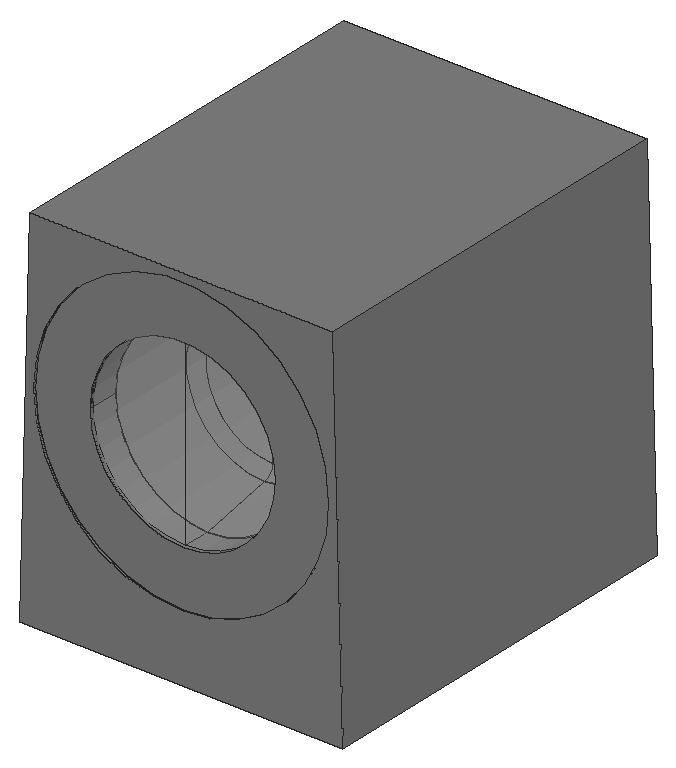
Revit family "Lighting_Outside_Nordlux_Canto-2_2-Kubi", category Lighting Fixtures, host Face, Revit 2017
Family settings
  Host = Face
  Round Connector Dimension = Use Diameter
  Part Type = Normal
  OmniClass Number = 23.80.70.00
  OmniClass Title = Lighting
  Cut with Voids When Loaded = No
  Light Source = Yes
  Shared = No
  Room Calculation Point = No
Parameters (values of type "Canto kubi 2 - grey")
  Wattage = 3.36605 W
  WarrantyStartDate [instance] = "n/a"
  WarrantyGuarantorParts = "n/a"
  WarrantyGuarantorLabor = "n/a"
  WarrantyDurationUnit = "Hours"
  WarrantyDurationParts = "n/a"
  WarrantyDurationLabor = "n/a"
  WarrantyDescription = "n/a"
  built-in parameter 1150110 = 1 (stored number, unit not read)
  VersionDate = "30/08/2019"  # constant formula
  Version = "1"  # constant formula
  UsageCurrent = 0 A
  Uniclass2015Reference = "Pr_70_70_48_85"
  Uniclass2015Description = "Surface luminaires"
  Uniclass2 = "Pr_70_70_48_85"
  URL = "https://www.nordlux.com/products/product/49711010"
  Type Comments = ""
  TotalWattage = 6 W
  built-in parameter 1114217 = 1 (stored number, unit not read)
  Tilt Angle = 90.00°
  built-in parameter 1150109 = 1 (stored number, unit not read)
  built-in parameter 1150134 = (empty or 0)
  TagNumber [instance] = "n/a"
  SustainabilityPerformance = "n/a"
  built-in parameter 1150113 = 1 (stored number, unit not read)
  Socket = "LED Modul"
  Size = "85x105x100 mm"
  Shape = "Sculptured"
  SerialNumber [instance] = "n/a"
  Revision = "n/a"
  ReplacementCost = "n/a"
  RA = "80"
  ProductInformation = "Whether Canto 2.0 is placed indoors or outdoors, the lamp offers a unique lighting experience. The minimalist design makes the lamp both decorative and sculptural. The light flows both up and down, and with the three included pattern inserts, it is possible to change the light image according to desire and personal style."
  Product data url = "https://www.bimobject.com/nordlux/product/canto_kubi_2"
  Photometric Web File = "7757 Canto Væg Hvid No mask.ies"
  PhaseReference = "n/a"
  PhaseAngle = 0.00°
  NumberOfSources = 0
  NumberOfPoles = 1
  built-in parameter 1150142 = "IESNA:LM-63-2002\r\n[TEST] Viso LabSpion - serial: 3247052577 sensor serial: 0408532695\r\n[TESTLAB] Viso LabSpion - serial: 3247052577 sensor serial: 0408532695 - Test lab\r\n[MANUFAC] Nordlux\r\n[ISSUEDATE] 04-06-2019\r\n[LUMINAIRE] 7757 Canto Væg Hvid No mask\r\n[LUMCAT] B2019137A\r\n[_SERIALNUMBER] VFR-190604-0342-MS\r\nTILT=NONE\r\n1 507 1 49 1 1 2 -0.05 -0.05 0.105\r\n1.0 1.0 9.28\r\n0 3.75 7.5 11.25 15 18.75 22.5 26.25 30 33.75 37.5 41.25 45 48.75 52.5 56.25 60 63.75 67.5 71.25 75 78.75 82.5 86.25 90 93.75 97.5 101.25 105 108.75 112.5 116.25 120 123.75 127.5 131.25 135 138.75 142.5 146.25 150 153.75 157.5 161.25\r\n 165 168.75 172.5 176.25 180\r\n0 \r\n137.5617 138.3003 139.3907 140.1546 140.0881 138.9877 139.8895 140.8041 140.1714 136.2723 117.5227 68.3958 33.6652 25.4271 19.3237 14.0922 10.4129 7.721 5.7489 4.3082 3.0718 1.8315 0.8048 0.4256 0.3665 0.41 0.8153 1.8892 3.1271 4.3138\r\n 5.7528 7.7601 10.4936 14.2345 19.4691 25.452 33.4808 66.2417 119.3705 136.4231 140.4421 141.0138 139.9872 139.2221 139.8901 139.9871 139.3014 138.4043 137.5617\r\n"
  NominalWidth = 87.1 mm
  NominalVoltageCalc = 0 V
  NominalVoltage = 230 V
  NominalLength = 106 mm
  NominalHeight = 100 mm
  NominalFrequencyRange = 50 Hz
  NominalCurrent = 0 A
  Name = "Nordlux_Canto-2_2-Kubi"
  NBSReference = "90-60-50/405"
  NBSDescription = "General purpose luminaires"
  ModelReference = ArticleNumber  # "49711010"
  ModelNumber = "n/a"
  Model = "Canto kubi 2 - grey"
  Material = "Aluminium"
  ManufacturersSpecificInformation = "n/a"
  ManufacturerURL = "https://www.nordlux.com/"
  ManufacturerName = "Nordlux"
  Manufacturer = "Nordlux"
  MaintenanceFactor = 0
  built-in parameter 1150105 = 39.789 (stored number, unit not read)
  Lumens = 500 lm
  built-in parameter 1150115 = 1 (stored number, unit not read)
  LightSource = "Included"
  LightFixturePlacingType = "Wall"
  LightFixtureMountingType = "Surface"
  LightFixtureMainMaterial = Grey
  built-in parameter 1150137 = (empty or 0)
  built-in parameter 1150139 = (empty or 0)
  LensMaterial = Glass
  built-in parameter 1150112 = 1 (stored number, unit not read)
  built-in parameter 1150114 = 1 (stored number, unit not read)
  InsulationStandardClass = "Class 1 (Earth contact)"
  InstallationDate [instance] = "n/a"
  built-in parameter 1150132 = 2
  built-in parameter 1150102 = (empty or 0)
  built-in parameter 1150107 = 2700 (stored number, unit not read)
  built-in parameter 1150138 = (empty or 0)
  built-in parameter 1150106 = 0.39789 (stored number, unit not read)
  IfcExportType = "NOTDEFINED"  # constant formula
  IfcExportAs = "IfcLightFixtureType"  # constant formula
  IP_Code = "IP44"
  HasProtectiveEarth = no
  Grade = "n/a"
  Finish = "n/a"
  Features = "Parallel connection possible"
  ExpectedLife = "25000"
  EnergyClass = "A+"
  Emit from Circle Diameter = 50 mm
  Emit Shape Visible in Rendering = no
  ElectricalDeviceNominalPower = 0
  built-in parameter 1150104 = 13.8 (stored number, unit not read)
  EANNumber = "5701581483187"
  DurationUnit = "Hours"
  Dimming Lamp Color Temperature Shift = <None>
  Designer = "Bonnelycke MDD"
  Description = "Whether Canto 2.0 is placed indoors or outdoors, the lamp offers a unique lighting experience. The minimalist design makes the lamp both decorative and sculptural. The light flows both up and down, and with the three included pattern inserts, it is possible to change the light image according to desire and personal style."
  Default Elevation = 0 mm
  ConvergoRefNr = "0143-1909-0046-DK"
  Constituents = "n/a"
  Color Filter = 16777215
  Color = "Grey"
  CodePerformance = "n/a"
  Category = "Outdoor lighting"
  Brand = "Nordlux"
  Barcode [instance] = "n/a"
  built-in parameter 1114218 = 1 (stored number, unit not read)
  BIMObjectName = "Lighting_Outside_Nordlux_Canto-2_2-Kubi"
  Author = "Convergo AB"  # constant formula
  built-in parameter 1150133 = 10 (stored number, unit not read)
  AssetType = "Fixed"
  AssetIdentifier [instance] = "n/a"
  ArticleNumber = "49711010"
  AccessibilityPerformance = "n/a"
Types (6, lengths in mm): name | URL | ModelReference | Model | Material | LightFixtureMainMaterial | Finish | EANNumber | Color | ArticleNumber
  (no name) | "https://www.nordlux.com/products/product/49711010" | "49711010" | "Canto kubi 2 - grey" | "Aluminium" | Grey | "n/a" | "5701581483187" | "Grey" | "49711010"
  Canto kubi 2 - black | "https://www.nordlux.com/products/product/49711003" | "49711003" | "Canto kubi 2 - black" | "Aluminium" | Black | "n/a" | "5701581483088" | "Black" | "49711003"
  Canto kubi 2 - white | "https://www.nordlux.com/products/product/49711001" | "49711001" | "Canto kubi 2 - white" | "Aluminium" | White | "n/a" | "5701581482982" | "White" | "49711001"
  Canto kubi 2 - stainless steel | "https://www.nordlux.com/products/product/49711034" | "49711034" | "Canto kubi 2 - stainless steel" | "Steel" | Stainless steel | "n/a" | "5701581483385" | "Grey" | "49711034"
  Canto kubi 2 - galvanized steel | "https://www.nordlux.com/products/product/49711031" | "49711031" | "Canto kubi 2 - galvaznied steel" | "Steel" | Steel, Galvanized | "Galvanized steel" | "5701581483286" | "Grey" | "49711031"
  Canto kubi 2 - grey | "https://www.nordlux.com/products/product/49711010" | "49711010" | "Canto kubi 2 - grey" | "Aluminium" | Grey | "n/a" | "5701581483187" | "Grey" | "49711010"
Reference planes
  plane 1 "Center (Front/Back)": y = 0
  plane 2: z = 0
  plane 3 "Center (Left/Right)": x = 0
  plane 4: y = 53
  plane 5: y = -53
  plane 6: z = 100
  plane 7: x = 43.55
  plane 8: x = -43.55
Dimensions and locks
  equal spacing: plane 8, plane 3 "Center (Left/Right)", plane 7
  equal spacing: plane 4, plane 1 "Center (Front/Back)", plane 5
  "NominalLength": plane 4 to plane 5
  "NominalWidth": plane 8 to plane 7
  "NominalHeight": plane 6 to level
  aligned and locked: plane 2 to host face
  aligned and locked: level to host face
Automatic sketch dimensions
  host sketch curve to host sketch curve = 2438.4 mm  (x2)
Nested families
  nested 1: "Canto 2 kubi" at (0, 0, 0), Main <- "LightFixtureMainMaterial", type "Canto 2 kubi"
    with Main Grey
Connectors
  electrical at (0, 0, 0.001), driven by "NominalVoltage"
    settings: on nested 1, index 1, voltage 230 V, apparent load 0 VA, apparent load phase1 0 VA, apparent load phase2 0 VA, apparent load phase3 0 VA, power factor 1, load classification "Other", number of poles 1, system type 31, power factor state 1, is connector primary yes, connector utility no, sub classification motor no, connector description ""
Definition of nested family "Canto 2 kubi"
  Parameters (values of type "Canto 2 kubi")
    Main [instance] = none
    Default Elevation = 1219.2 mm
  Reference planes
    plane 1 "Center (Front/Back)": y = 0
    plane 2: z = 0
    plane 3 "Center (Left/Right)": x = 0
    plane 4: x = -43.519
    plane 5: x = 43.519
    plane 6: z = 100
    plane 7: y = -53
    plane 8: y = 53
  Forms (mm)
    Extrusion 1, solid
      sketch origin (0, 0, 0) x (1, 0, 0) y (0, 1, 0)
        loop
          line (-1219.2, 1219.2) -> (-1219.2, -1219.2) -> (1219.2, -1219.2) -> (1219.2, 1219.2) -> (-1219.2, 1219.2)
      from 0 to -304.8
    Extrusion 2, solid, material <- "Main", detail levels medium+fine
      sketch origin (0, 0, 0) x (1, 0, 0) y (0, 0, 1)
        loop
          line (-40.94, 100) -> (-43.558, 0.001) -> (43.558, 0.001) -> (40.94, 100) -> (-40.94, 100)
        loop
          circle (0, 58.024) r 39.948
      from -53 to 53
    Extrusion 3, solid, material <- "Main", detail levels medium+fine
      sketch origin (0, 0, 0) x (1, 0, 0) y (0, 0, 1)
        loop
          circle (0, 58.024) r 39.948
        loop
          circle (0, 58.024) r 25
      from 43.999 to 52.5
    Extrusion 4, solid, material <- "Main", detail levels medium+fine
      sketch origin (0, 0, 0) x (1, 0, 0) y (0, 0, -1)
        loop
          circle (0, -58.024) r 39.948
        loop
          circle (0, -58.024) r 25
      from 43.999 to 52.5
    Revolve 5, solid, detail levels medium+fine
      sketch origin (0, 0, 0) x (0, 1, 0) y (0, 0, 1)
        loop
          arc (-22, 76.039) -> (-22.751, 78.129) -> (-24.659, 79.265) r 3.286
          line (-24.659, 79.265) -> (-43.999, 83.024) -> (-51.522, 83.024) -> (-51.522, 58.024) -> (-22, 58.024) -> (-22, 76.039)
        axis (-51.522, 58.024) -> (-22, 58.024)
      angle from 0 to 360
    Revolve 6, solid, detail levels medium+fine
      sketch origin (0, 0, 0) x (0, -1, 0) y (0, 0, 1)
        loop
          arc (-22, 76.039) -> (-22.751, 78.129) -> (-24.659, 79.265) r 3.286
          line (-24.659, 79.265) -> (-43.999, 83.024) -> (-51.522, 83.024) -> (-51.522, 58.024) -> (-22, 58.024) -> (-22, 76.039)
        axis (-51.522, 58.024) -> (-22, 58.024)
      angle from 0 to 360
    Extrusion 7, solid, material <- "Main", detail levels coarse
      sketch origin (0, 0, 0) x (1, 0, 0) y (0, 1, 0)
        loop
          line (-43.519, 53) -> (-43.519, -53) -> (43.519, -53) -> (43.519, 53) -> (-43.519, 53)
      from 0 to 100
  Lines and regions (mm)
    symbolic lines, detail levels medium+fine
      curve 1: line (-43.519, 53, 0) -> (43.519, 53, 0)
      curve 2: line (-43.519, -53, 0) -> (-43.519, 53, 0)
      curve 3: line (43.519, -53, 0) -> (-43.519, -53, 0)
      curve 4: line (43.519, 53, 0) -> (43.519, -53, 0)
      curve 5: line (0, 53, 100) -> (0, -53, 100)
      curve 6: line (0, 53, 0) -> (0, 53, 100)
      curve 7: line (0, -53, 0) -> (0, 53, 0)
      curve 8: line (0, -53, 100) -> (0, -53, 0)
      curve 9: line (-40.94, 0, 100) -> (-43.558, 0, 0.001)
      curve 10: line (43.558, 0, 0.001) -> (40.94, 0, 100)
      curve 15: line (-40.94, 0, 100) -> (40.94, 0, 100)
    symbolic lines, detail levels fine
      curve 11: circle (0, 0, 58.024) r 25 normal (0, -1, 0)
      curve 12: circle (0, 0, 58.024) r 39.948 normal (0, -1, 0)
      curve 13: line (-40.9, -53, 0) -> (-40.9, 53, 0)
      curve 14: line (40.9, 53, 0) -> (40.9, -53, 0)
  Dimensions and locks
    aligned and locked: plane 2 to Extrusion 1
    aligned and locked: level to Extrusion 1
